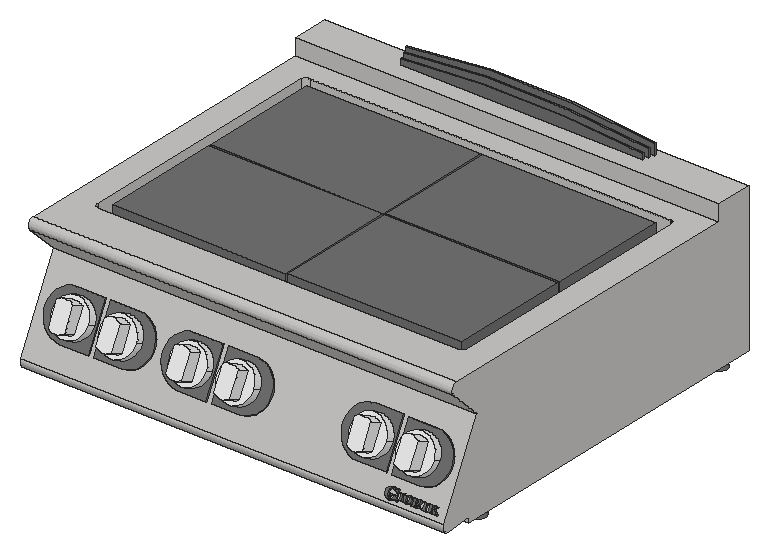
Revit family "QF_GIORIK_TE740T", category Specialty Equipment, Revit 2014
Parameters (values of type "TE740T")
  Weight in Pounds = 198.4158
  Watts = 10000 W
  Volts = 400 V
  URL Cutsheet = "www.giorik.com"
  URL = "www.giorik.com"
  Status [instance] = ""
  Specification by User [instance] = ""
  Specification by Manufacturer = ""
  Show Logo [instance] = yes
  Show Clearance [instance] = yes
  Serial Number = ""
  Seismic Rating = ""
  SMACNA No = ""
  Revision Code [instance] = ""
  Phase = 3
  Number of Poles [instance] = 3
  NAFEM Spec ID Number = ""
  Model = "TE740T"
  Min Ckt Ampacity = 0 A
  Max Overcurrent Protection = 0 A
  Masterspec = ""
  Manufacturer = "GIORIK"
  Item Number [instance] = ""
  Installed By [instance] = ""
  Identify Quantity as Lot [instance] = no
  HP = "13.410200000000"
  Furnished By [instance] = ""
  Foodservice Equipment Identifier [instance] = yes
  FL Amps = 0 A
  Electrical Remarks [instance] = ""
  Electric Connection Type [instance] = ""
  Elec Conn RI Height [instance] = 0 mm
  Elec Conn Connection Height [instance] = 20 mm
  Description = "ELECTRIC SOLID TOP HOB - COUNTERTOP VERSION"
  Cycle = 50 Hz
  Conn Plug = ""
  CSI MasterFormat = ""
  Assembly Code = "E1090320"
  Apparent Power = 10000 VA
Reference planes
  plane 1 "Back": y = 0
  plane 2: z = 0
  plane 3 "Left": x = 0
  plane 4 "Right": x = 800
  plane 5 "Front": y = -720
  plane 6 "Top": z = 300
Forms (mm)
  Extrusion 1, solid, visible <- "Show Logo"
    sketch origin (591.604, -736.761, 9.486) x (-1, 0, 0) y (0, 0.452718, 0.891654)
      loop
        line (-118.824, 58.358) -> (-127.804, 58.358) -> (-125.523, 56.445) -> (-125.523, 48.027) -> (-127.804, 46.113) -> (-118.824, 46.113) -> (-121.105, 48.027) -> (-121.105, 56.445) -> (-118.824, 58.358)
      loop
        line (-163.721, 58.358) -> (-172.7, 58.358) -> (-170.42, 56.445) -> (-170.42, 48.027) -> (-172.7, 46.113) -> (-163.721, 46.113) -> (-166.001, 48.027) -> (-166.001, 56.445) -> (-163.721, 58.358)
      loop
        line (-174.332, 58.358) -> (-183.312, 58.358) -> (-181.031, 56.445) -> (-181.031, 52.435) -> (-186.419, 56.955) -> (-184.416, 58.358) -> (-191.268, 58.358) -> (-188.01, 56.839) -> (-185.455, 54.283) -> (-190.846, 47.858) -> (-193.396, 46.93) -> (-193.396, 46.113) -> (-184.416, 46.113) -> (-185.437, 47.571) -> (-182.443, 51.552) -> (-181.031, 50.894) -> (-181.031, 48.027) -> (-183.312, 46.113) -> (-174.332, 46.113) -> (-176.613, 48.027) -> (-176.613, 56.445) -> (-174.332, 58.358)
      loop
        line (-115.429, 62.063) -> (-115.429, 54.198)
        arc (-115.429, 54.198) -> (-111.618, 57.803) -> (-106.847, 59.986) r 16.039
        arc (-106.847, 59.986) -> (-103.314, 59.837) -> (-100.512, 57.68) r 5.851
        arc (-100.512, 57.68) -> (-98.815, 52.267) -> (-100.512, 46.853) r 9.479
        arc (-100.512, 46.853) -> (-102.406, 44.986) -> (-104.846, 43.93) r 7.236
        arc (-104.846, 43.93) -> (-107.728, 44.111) -> (-110.052, 45.825) r 5.11
        line (-110.052, 45.825) -> (-110.052, 52.001) -> (-116.141, 52.001) -> (-116.141, 45.503) -> (-117.893, 43.751) -> (-114.094, 44.769)
        arc (-114.094, 44.769) -> (-112.56, 44.947) -> (-111.129, 44.366) r 3.115
        arc (-111.129, 44.366) -> (-104.216, 42.091) -> (-97.303, 44.366) r 11.641
        arc (-97.303, 44.366) -> (-93.396, 52.107) -> (-97.303, 59.849) r 9.622
        arc (-97.303, 59.849) -> (-104.369, 62.174) -> (-111.435, 59.849) r 11.898
        line (-111.435, 59.849) -> (-115.429, 62.063)
      loop
        arc (-129.234, 56.068) -> (-135.893, 58.628) -> (-142.552, 56.068) r 9.941
        arc (-142.552, 56.068) -> (-144.234, 52.286) -> (-142.552, 48.505) r 5.093
        arc (-142.552, 48.505) -> (-135.893, 45.945) -> (-129.234, 48.505) r 9.941
        arc (-129.234, 48.505) -> (-127.552, 52.286) -> (-129.234, 56.068) r 5.093
      loop
        arc (-132.628, 54.403) -> (-135.893, 57.668) -> (-139.158, 54.403) r 3.265
        line (-139.158, 54.403) -> (-139.158, 50.169)
        arc (-139.158, 50.169) -> (-135.893, 46.904) -> (-132.628, 50.169) r 3.265
        line (-132.628, 50.169) -> (-132.628, 54.403)
      loop
        arc (-156.363, 58.365) -> (-159.647, 55.081) -> (-156.363, 51.796) r 3.285
        line (-156.363, 51.796) -> (-159.529, 47.306) -> (-162.087, 46.113) -> (-155.847, 46.113) -> (-153.529, 51.083) -> (-150.637, 51.083) -> (-150.637, 47.784) -> (-153.022, 46.113) -> (-144.011, 46.113) -> (-146.094, 47.68) -> (-146.094, 56.493) -> (-144.229, 58.365) -> (-156.363, 58.365)
      loop
        line (-150.637, 57.512) -> (-153.637, 57.512)
        arc (-153.637, 57.512) -> (-156.237, 54.912) -> (-153.637, 52.312) r 2.6
        line (-153.637, 52.312) -> (-150.637, 52.312) -> (-150.637, 57.512)
      loop
        line (-108.924, 52.001) -> (-104.936, 49.005) -> (-100.948, 52.001) -> (-108.924, 52.001)
    from 1.5 to -0.5
  Extrusion 2, solid
    sketch origin (-4, 0, 0) x (1, 0, 0) y (0, 1, 0)
      loop
        circle (54, -385) r 12.5
    from 5 to 20
  Extrusion 3, solid
    sketch origin (0, 1000, -620) x (0, 1, 0) y (0, 0, 1)
      loop
        line (-1000, 919.988) -> (-1070, 919.988) -> (-1070, 889.988) -> (-1688.806, 889.988)
        arc (-1688.806, 889.988) -> (-1699.151, 883.075) -> (-1696.724, 870.873) r 11.197
        line (-1696.724, 870.873) -> (-1640.876, 815.025) -> (-1718.948, 661.258)
        arc (-1718.948, 661.258) -> (-1718.233, 650.105) -> (-1708.118, 645.354) r 10.981
        line (-1708.118, 645.354) -> (-1660, 649.925) -> (-1660, 640) -> (-1000, 640) -> (-1000, 919.988)
    from 0 to 800
  Extrusion 4, void
    sketch origin (437.225, 0, 300) x (0, 1, 0) y (-1, 0, 0)
      loop
        line (-110, -302.775) -> (-110, 377.225)
        arc (-110, 377.225) -> (-112.929, 384.296) -> (-120, 387.225) r 10
        line (-120, 387.225) -> (-599.965, 387.225)
        arc (-599.965, 387.225) -> (-607.036, 384.296) -> (-609.965, 377.225) r 10
        line (-609.965, 377.225) -> (-609.965, -302.775)
        arc (-609.965, -302.775) -> (-607.036, -309.846) -> (-599.965, -312.775) r 10
        line (-599.965, -312.775) -> (-120, -312.775)
        arc (-120, -312.775) -> (-112.929, -309.846) -> (-110, -302.775) r 10
    from -30.012 to -70.012
  Extrusion 5, solid
    sketch origin (-349.905, -962.334, -546.176) x (1, 0, 0) y (0, 0.452718, 0.891654)
      loop
        line (463.221, 676.25) -> (463.221, 766.25) -> (409.698, 766.25)
        arc (409.698, 766.25) -> (364.698, 721.25) -> (409.698, 676.25) r 45
        line (409.698, 676.25) -> (463.221, 676.25)
    from 48 to 50
  Extrusion 6, solid
    sketch origin (424.647, -1006.96, -523.626) x (-1, 0, 0) y (0, -0.452718, -0.891654)
      loop
        circle (351.331, -721.346) r 35
    from 0 to 15
  Extrusion 7, solid
    sketch origin (424.647, -1006.96, -523.626) x (-1, 0, 0) y (0, -0.452718, -0.891654)
      loop
        arc (336.331, -743.846) -> (351.331, -748.846) -> (366.331, -743.846) r 25
        line (366.331, -743.846) -> (366.331, -698.846)
        arc (366.331, -698.846) -> (351.331, -693.846) -> (336.331, -698.846) r 25
        line (336.331, -698.846) -> (336.331, -743.846)
    from 15 to 40
  Extrusion 8, solid
    sketch origin (586.536, -962.334, -546.176) x (-1, 0, 0) y (0, -0.452718, -0.891654)
      loop
        line (463.221, -676.25) -> (409.698, -676.25)
        arc (409.698, -676.25) -> (364.698, -721.25) -> (409.698, -766.25) r 45
        line (409.698, -766.25) -> (463.221, -766.25) -> (463.221, -676.25)
    from 48 to 50
  Extrusion 9, solid
    sketch origin (-188.016, -1006.96, -523.626) x (1, 0, 0) y (0, 0.452718, 0.891654)
      loop
        circle (351.331, 721.346) r 35
    from 0 to 15
  Extrusion 10, solid
    sketch origin (-188.016, -1006.96, -523.626) x (1, 0, 0) y (0, 0.452718, 0.891654)
      loop
        line (336.331, 743.846) -> (336.331, 698.846)
        arc (336.331, 698.846) -> (351.331, 693.846) -> (366.331, 698.846) r 25
        line (366.331, 698.846) -> (366.331, 743.846)
        arc (366.331, 743.846) -> (351.331, 748.846) -> (336.331, 743.846) r 25
    from 15 to 40
  Extrusion 11, solid
    sketch origin (809.071, -962.334, -546.176) x (-1, 0, 0) y (0, -0.452718, -0.891654)
      loop
        line (463.221, -676.25) -> (409.698, -676.25)
        arc (409.698, -676.25) -> (364.698, -721.25) -> (409.698, -766.25) r 45
        line (409.698, -766.25) -> (463.221, -766.25) -> (463.221, -676.25)
    from 48 to 50
  Extrusion 12, solid
    sketch origin (34.519, -1006.96, -523.626) x (1, 0, 0) y (0, 0.452718, 0.891654)
      loop
        circle (351.331, 721.346) r 35
    from 0 to 15
  Extrusion 13, solid
    sketch origin (34.519, -1006.96, -523.626) x (1, 0, 0) y (0, 0.452718, 0.891654)
      loop
        line (336.331, 743.846) -> (336.331, 698.846)
        arc (336.331, 698.846) -> (351.331, 693.846) -> (366.331, 698.846) r 25
        line (366.331, 698.846) -> (366.331, 743.846)
        arc (366.331, 743.846) -> (351.331, 748.846) -> (336.331, 743.846) r 25
    from 15 to 40
  Extrusion 14, solid
    sketch origin (-127.371, -962.334, -546.176) x (1, 0, 0) y (0, 0.452718, 0.891654)
      loop
        line (463.221, 676.25) -> (463.221, 766.25) -> (409.698, 766.25)
        arc (409.698, 766.25) -> (364.698, 721.25) -> (409.698, 676.25) r 45
        line (409.698, 676.25) -> (463.221, 676.25)
    from 48 to 50
  Extrusion 15, solid
    sketch origin (647.181, -1006.96, -523.626) x (-1, 0, 0) y (0, -0.452718, -0.891654)
      loop
        circle (351.331, -721.346) r 35
    from 0 to 15
  Extrusion 16, solid
    sketch origin (647.181, -1006.96, -523.626) x (-1, 0, 0) y (0, -0.452718, -0.891654)
      loop
        arc (336.331, -743.846) -> (351.331, -748.846) -> (366.331, -743.846) r 25
        line (366.331, -743.846) -> (366.331, -698.846)
        arc (366.331, -698.846) -> (351.331, -693.846) -> (336.331, -698.846) r 25
        line (336.331, -698.846) -> (336.331, -743.846)
    from 15 to 40
  Extrusion 17, solid
    sketch origin (36.031, 0, -610.002) x (1, 0, 0) y (0, 0, 1)
      loop
        line (135, 909.989) -> (592.969, 909.989) -> (592.969, 919.989) -> (440.969, 929.989) -> (287, 929.989) -> (135, 919.989) -> (135, 909.989)
    from 32 to 35
  Extrusion 18, solid
    sketch origin (38, 10, -610.002) x (1, 0, 0) y (0, 0, 1)
      loop
        line (594, 909.989) -> (594, 924.989) -> (440, 937.489) -> (284, 937.489) -> (130, 925.001) -> (130, 909.989) -> (594, 909.989)
    from 32 to 35
  Extrusion 19, solid
    sketch origin (40, 20, -610.002) x (1, 0, 0) y (0, 0, 1)
      loop
        line (595, 909.989) -> (595, 930.001) -> (439, 945.258) -> (281, 945.258) -> (125, 929.989) -> (125, 909.989) -> (595, 909.989)
    from 32 to 35
  Extrusion 20, solid
    sketch origin (213.27, -962.334, -546.176) x (1, 0, 0) y (0, 0.452718, 0.891654)
      loop
        line (463.221, 676.25) -> (463.221, 766.25) -> (409.698, 766.25)
        arc (409.698, 766.25) -> (364.698, 721.25) -> (409.698, 676.25) r 45
        line (409.698, 676.25) -> (463.221, 676.25)
    from 48 to 50
  Extrusion 21, solid
    sketch origin (987.822, -1006.96, -523.626) x (-1, 0, 0) y (0, -0.452718, -0.891654)
      loop
        circle (351.331, -721.346) r 35
    from 0 to 15
  Extrusion 22, solid
    sketch origin (987.822, -1006.96, -523.626) x (-1, 0, 0) y (0, -0.452718, -0.891654)
      loop
        arc (336.331, -743.846) -> (351.331, -748.846) -> (366.331, -743.846) r 25
        line (366.331, -743.846) -> (366.331, -698.846)
        arc (366.331, -698.846) -> (351.331, -693.846) -> (336.331, -698.846) r 25
        line (336.331, -698.846) -> (336.331, -743.846)
    from 15 to 40
  Extrusion 23, solid
    sketch origin (1149.711, -962.334, -546.176) x (-1, 0, 0) y (0, -0.452718, -0.891654)
      loop
        line (463.221, -676.25) -> (409.698, -676.25)
        arc (409.698, -676.25) -> (364.698, -721.25) -> (409.698, -766.25) r 45
        line (409.698, -766.25) -> (463.221, -766.25) -> (463.221, -676.25)
    from 48 to 50
  Extrusion 24, solid
    sketch origin (375.159, -1006.96, -523.626) x (1, 0, 0) y (0, 0.452718, 0.891654)
      loop
        circle (351.331, 721.346) r 35
    from 0 to 15
  Extrusion 25, solid
    sketch origin (375.159, -1006.96, -523.626) x (1, 0, 0) y (0, 0.452718, 0.891654)
      loop
        line (336.331, 743.846) -> (336.331, 698.846)
        arc (336.331, 698.846) -> (351.331, 693.846) -> (366.331, 698.846) r 25
        line (366.331, 698.846) -> (366.331, 743.846)
        arc (366.331, 743.846) -> (351.331, 748.846) -> (336.331, 743.846) r 25
    from 15 to 40
  Extrusion 26, solid
    sketch origin (-397.775, -745.565, 229.988) x (0, -1, 0) y (1, 0, 0)
      loop
        line (-387.082, 796.275) -> (-615.565, 796.275) -> (-615.565, 467.775) -> (-387.082, 467.775) -> (-387.082, 796.275)
    from 0 to 40
  Extrusion 27, solid
    sketch origin (1197.775, -745.565, 229.988) x (0, -1, 0) y (1, 0, 0)
      loop
        line (-387.082, -796.275) -> (-387.082, -467.775) -> (-615.565, -467.775) -> (-615.565, -796.275) -> (-387.082, -796.275)
    from 0 to 40
  Extrusion 28, solid
    sketch origin (1197.775, 25.6, 229.988) x (0, 1, 0) y (-1, 0, 0)
      loop
        line (-387.082, 796.275) -> (-615.565, 796.275) -> (-615.565, 467.775) -> (-387.082, 467.775) -> (-387.082, 796.275)
    from 0 to 40
  Extrusion 29, solid
    sketch origin (-397.775, 25.6, 229.988) x (0, 1, 0) y (-1, 0, 0)
      loop
        line (-387.082, -796.275) -> (-387.082, -467.775) -> (-615.565, -467.775) -> (-615.565, -796.275) -> (-387.082, -796.275)
    from 0 to 40
  Extrusion 30, solid
    sketch origin (543.603, 45.293, -30) x (0, 1, 0) y (-1, 0, 0)
      loop
        circle (-79.293, 516.603) r 5
    from 41.965 to 50
  Revolve 31, solid
    sketch origin (27, 49.943, -600) x (0, 1, 0) y (0, 0, 1)
      loop
        line (-83.943, 611.965) -> (-94.752, 611.965) -> (-97.943, 600) -> (-83.943, 600) -> (-83.943, 611.965)
      axis (-83.943, 611.965) -> (-83.943, 600)
    angle from 0 to 360
  Extrusion 32, solid
    sketch origin (543.603, -524.707, -30) x (0, 1, 0) y (-1, 0, 0)
      loop
        circle (-79.293, 516.603) r 5
    from 41.965 to 50
  Revolve 33, solid
    sketch origin (27, -520.057, -600) x (0, 1, 0) y (0, 0, 1)
      loop
        line (-83.943, 611.965) -> (-94.752, 611.965) -> (-97.943, 600) -> (-83.943, 600) -> (-83.943, 611.965)
      axis (-83.943, 611.965) -> (-83.943, 600)
    angle from 0 to 360
  Extrusion 34, solid
    sketch origin (256.397, 45.293, -30) x (0, 1, 0) y (-1, 0, 0)
      loop
        circle (-79.293, -516.603) r 5
    from 41.965 to 50
  Revolve 35, solid
    sketch origin (773, 49.943, -600) x (0, 1, 0) y (0, 0, -1)
      loop
        line (-83.943, -611.965) -> (-83.943, -600) -> (-97.943, -600) -> (-94.752, -611.965) -> (-83.943, -611.965)
      axis (-83.943, -611.965) -> (-83.943, -600)
    angle from 0 to 360
  Extrusion 36, solid
    sketch origin (256.397, -524.707, -30) x (0, 1, 0) y (-1, 0, 0)
      loop
        circle (-79.293, -516.603) r 5
    from 41.965 to 50
  Revolve 37, solid
    sketch origin (773, -520.057, -600) x (0, 1, 0) y (0, 0, -1)
      loop
        line (-83.943, -611.965) -> (-83.943, -600) -> (-97.943, -600) -> (-94.752, -611.965) -> (-83.943, -611.965)
      axis (-83.943, -611.965) -> (-83.943, -600)
    angle from 0 to 360
Cuts and joins
  Extrusion 4 cuts Extrusion 3
Lines and regions (mm)
  symbolic lines, style "200-EquipBorder-2D"
    curve 1: line (0, -720, 0) -> (800, -720, 0)
    curve 2: line (800, -720, 0) -> (800, 0, 0)
    curve 3: line (800, 0, 0) -> (0, 0, 0)
    curve 4: line (0, 0, 0) -> (0, -720, 0)
  symbolic lines, style "200-EquipInternal-2D"
    curve 5: line (165, -12, 900) -> (635, -12, 900)
    curve 6: line (635, -12, 900) -> (635, -15, 900)
    curve 7: line (635, -15, 900) -> (165, -15, 900)
    curve 8: line (165, -15, 900) -> (165, -12, 900)
    curve 9: line (168, -22, 900) -> (632, -22, 900)
    curve 10: line (632, -22, 900) -> (632, -25, 900)
    curve 11: line (632, -25, 900) -> (168, -25, 900)
    curve 12: line (168, -25, 900) -> (168, -22, 900)
    curve 13: line (171.031, -32, 900) -> (629, -32, 900)
    curve 14: line (629, -32, 900) -> (629, -35, 900)
    curve 15: line (629, -35, 900) -> (171.031, -35, 900)
    curve 16: line (171.031, -35, 900) -> (171.031, -32, 900)
    curve 17: line (0, -70, 300) -> (800, -70, 300)
    curve 18: line (740, -110, 300) -> (60, -110, 300)
    curve 19: line (398.5, -130, 300) -> (70, -130, 300)
    curve 20: line (398.5, -358.482, 300) -> (398.5, -130, 300)
    curve 21: line (730, -130, 300) -> (401.5, -130, 300)
    curve 22: line (730, -361.482, 300) -> (401.5, -361.482, 300)
    curve 23: line (70, -358.482, 300) -> (398.5, -358.482, 300)
    curve 24: line (401.5, -130, 300) -> (401.5, -358.482, 300)
    curve 25: line (401.5, -358.482, 300) -> (730, -358.482, 300)
    curve 26: line (398.5, -589.965, 300) -> (398.5, -361.482, 300)
    curve 27: line (401.5, -361.482, 300) -> (401.5, -589.965, 300)
    curve 28: line (398.5, -361.482, 300) -> (70, -361.482, 300)
    curve 29: line (70, -361.482, 300) -> (70, -589.965, 300)
    curve 30: line (70, -130, 300) -> (70, -358.482, 300)
    curve 31: line (70, -589.965, 300) -> (398.5, -589.965, 300)
    curve 32: line (401.5, -589.965, 300) -> (730, -589.965, 300)
    curve 33: line (730, -589.965, 300) -> (730, -361.482, 300)
    curve 34: line (730, -358.482, 300) -> (730, -130, 300)
    curve 35: line (50, -120, 300) -> (50, -599.965, 300)
    curve 36: arc (750, -120, 300) -> (747.071, -112.929, 300) -> (740, -110, 300) r 10
    curve 37: line (750, -599.965, 300) -> (750, -120, 300)
    curve 38: arc (60, -110, 300) -> (52.929, -112.929, 300) -> (50, -120, 300) r 10
    curve 39: arc (50, -599.965, 300) -> (52.929, -607.036, 300) -> (60, -609.965, 300) r 10
    curve 40: line (60, -609.965, 300) -> (740, -609.965, 300)
    curve 41: arc (740, -609.965, 300) -> (747.071, -607.036, 300) -> (750, -599.965, 300) r 10
Dimensions and locks
  plane 3 "Left" to plane 4 "Right" = 800 mm
  plane 5 "Front" to plane 1 "Back" = 720 mm
  plane 4 "Right" to plane 3 "Left" = 800 mm
  plane 1 "Back" to plane 5 "Front" = 720 mm
  plane 6 "Top" to level = 300 mm  (x2)
  aligned and locked: level to plane 2
Connectors
  electrical at (50, -385, 5), driven by "Apparent Power", driven by "Volts", driven by "Number of Poles"
    settings: on Extrusion 2, index 1, voltage 400 V, apparent load 0 VA, apparent load phase1 10000 VA, apparent load phase2 0 VA, apparent load phase3 0 VA, power factor 1, load classification "Other", number of poles 3, system type 31, power factor state 1, is connector primary yes, connector utility no, sub classification motor no, connector description "Electrical connection"
